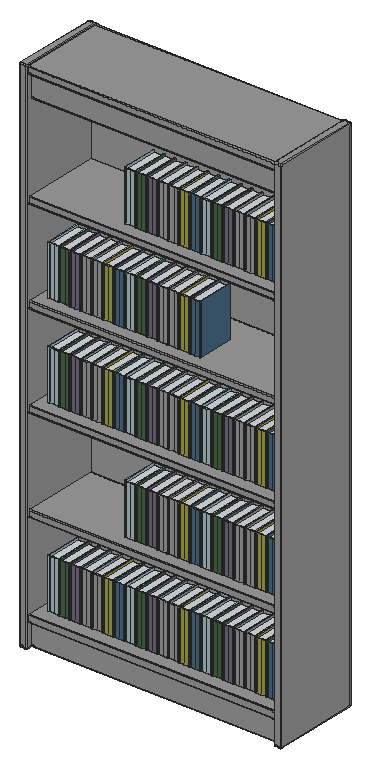
Revit family "Array 36x12x72", category Generic Models, Revit 2018
Family settings
  Can host rebar = No
  Round Connector Dimension = Use Diameter
  Part Type = Normal
  Work Plane-Based = No
  Always vertical = Yes
  Cut with Voids When Loaded = No
  Shared = No
  Room Calculation Point = No
Parameters
  Surface = Array Glider 36x12x72
Reference planes (in)
  plane 1 "Center (Front/Back)": y = 0
  plane 2: z = 0
  plane 3 "Center (Left/Right)": x = 0
Forms (in)
  Extrusion 1, solid, material "Array Glider 36x12x72" <- "Surface"
    sketch origin (0, 0, 30) x (0, 1, 0) y (0, 0, 1)
      loop
        line (-0.125, 41.23662) -> (-0.125, 42.00062)
        arc (-0.125, 42.00062) -> (-0.15956, 42.08405) -> (-0.243, 42.11862) r 0.118
        line (-0.243, 42.11862) -> (-11.757, 42.11862)
        arc (-11.757, 42.11862) -> (-11.84044, 42.08405) -> (-11.875, 42.00062) r 0.118
        line (-11.875, 42.00062) -> (-11.875, 41.23662)
        arc (-11.875, 41.23662) -> (-11.84044, 41.15318) -> (-11.757, 41.11862) r 0.118
        line (-11.757, 41.11862) -> (-0.243, 41.11862)
        arc (-0.243, 41.11862) -> (-0.15956, 41.15318) -> (-0.125, 41.23662) r 0.118
    from -17 to 17
  Extrusion 2, solid, material "Array Glider 36x12x72" <- "Surface"
    sketch origin (0, 0, -37.625) x (0, 1, 0) y (0, 0, 1)
      loop
        line (-0.993, 42.11862) -> (-11.757, 42.11862)
        arc (-11.757, 42.11862) -> (-11.84044, 42.08405) -> (-11.875, 42.00062) r 0.118
        line (-11.875, 42.00062) -> (-11.875, 41.23662)
        arc (-11.875, 41.23662) -> (-11.84044, 41.15318) -> (-11.757, 41.11862) r 0.118
        line (-11.757, 41.11862) -> (-0.993, 41.11862) -> (-0.993, 42.11862)
    from -17 to 17
  Extrusion 3, solid, material "Array Glider 36x12x72" <- "Surface"
    sketch origin (0, 0, 30) x (0, 1, 0) y (0, 0, 1)
      loop
        line (-11.25, 41.11862) -> (-11.25, 37.98662)
        arc (-11.25, 37.98662) -> (-11.21544, 37.90318) -> (-11.132, 37.86862) r 0.118
        line (-11.132, 37.86862) -> (-10.368, 37.86862)
        arc (-10.368, 37.86862) -> (-10.28456, 37.90318) -> (-10.25, 37.98662) r 0.118
        line (-10.25, 37.98662) -> (-10.25, 41.11862) -> (-11.25, 41.11862)
    from -17 to 17
  Extrusion 4, solid, material "Array Glider 36x12x72" <- "Surface"
    sketch origin (0, 0, -37.625) x (0, 1, 0) y (0, 0, 1)
      loop
        line (-11.25, 41.11862) -> (-11.25, 37.98662)
        arc (-11.25, 37.98662) -> (-11.21544, 37.90318) -> (-11.132, 37.86862) r 0.118
        line (-11.132, 37.86862) -> (-10.368, 37.86862)
        arc (-10.368, 37.86862) -> (-10.28456, 37.90318) -> (-10.25, 37.98662) r 0.118
        line (-10.25, 37.98662) -> (-10.25, 41.11862) -> (-11.25, 41.11862)
    from -17 to 17
  Extrusion 5, solid, material "Array Glider 36x12x72" <- "Surface"
    sketch origin (0, -0.618, 0) x (0, 1, 0) y (0, 0, 1)
      loop
        line (0.375, 0.24362) -> (0.375, 71.11862) -> (-0.375, 71.11862) -> (-0.375, 0.24362) -> (0.375, 0.24362)
    from -17 to 17
  Extrusion 6, solid, material "Array Glider 36x12x72" <- "Surface"
    sketch origin (0, 0, -24.75) x (0, 1, 0) y (0, 0, 1)
      loop
        line (-0.993, 41.23662) -> (-0.993, 42.00062)
        arc (-0.993, 42.00062) -> (-1.02756, 42.08405) -> (-1.111, 42.11862) r 0.118
        line (-1.111, 42.11862) -> (-11.632, 42.11862)
        arc (-11.632, 42.11862) -> (-11.71544, 42.08405) -> (-11.75, 42.00062) r 0.118
        line (-11.75, 42.00062) -> (-11.75, 41.23662)
        arc (-11.75, 41.23662) -> (-11.71544, 41.15318) -> (-11.632, 41.11862) r 0.118
        line (-11.632, 41.11862) -> (-1.111, 41.11862)
        arc (-1.111, 41.11862) -> (-1.02756, 41.15318) -> (-0.993, 41.23662) r 0.118
    from -17 to 17
  Revolve 7, solid, material "Array Gliders"
    sketch origin (0, -9.56264, 0) x (1, 0, 0) y (0, 0, 1)
      loop
        line (-15.31312, 0) -> (-14.97741, 0)
        arc (-14.97741, 0) -> (-14.96813, 0.01343) -> (-14.9733, 0.02891) r 0.01826
        line (-14.9733, 0.02891) -> (-15.1255, 0.18112) -> (-15.18869, 0.18112) -> (-15.18869, 1.17538) -> (-15.31312, 1.17538) -> (-15.31312, 0)
      axis (-15.31312, 0) -> (-15.31312, 1.17538)
    angle from 0 to 360
  Extrusion 8, solid, material "Array Gliders"
    sketch origin (0, 0, 0) x (1, 0, 0) y (0, 1, 0)
      loop
        line (-13.9375, -10.25) -> (-16, -8.1875) -> (-16, -10.25) -> (-13.9375, -10.25)
    from 0.24362 to 0.30612
  Extrusion 9, solid, material "Array Glider 36x12x72" <- "Surface"
    sketch origin (0, 0, 0) x (1, 0, 0) y (0, 0, 1)
      loop
        line (-17, 3.49362) -> (-17, 0.24362) -> (-16, 0.24362) -> (-16, 3.49362) -> (-17, 3.49362)
    from 0.993 to 10.25
  Extrusion 10, solid, material "Array Glider 36x12x72" <- "Surface"
    sketch origin (0, 0, 0) x (-1, 0, 0) y (0, 0, -1)
      loop
        line (-17, -3.49362) -> (-16, -3.49362) -> (-16, -0.24362) -> (-17, -0.24362) -> (-17, -3.49362)
    from 0.993 to 10.25
  Extrusion 11, solid, material "Array Glider 36x12x72" <- "Surface"
    sketch origin (0, 0, 67.625) x (-1, 0, 0) y (0, 0, -1)
      loop
        line (-17, -3.49362) -> (-16, -3.49362) -> (-16, -0.36162)
        arc (-16, -0.36162) -> (-16.03456, -0.27818) -> (-16.118, -0.24362) r 0.118
        line (-16.118, -0.24362) -> (-16.882, -0.24362)
        arc (-16.882, -0.24362) -> (-16.96544, -0.27818) -> (-17, -0.36162) r 0.118
        line (-17, -0.36162) -> (-17, -3.49362)
    from 0.993 to 10.25
  Extrusion 12, solid, material "Array Glider 36x12x72" <- "Surface"
    sketch origin (0, 0, 67.625) x (1, 0, 0) y (0, 0, 1)
      loop
        line (-17, 3.49362) -> (-17, 0.36162)
        arc (-17, 0.36162) -> (-16.96544, 0.27818) -> (-16.882, 0.24362) r 0.118
        line (-16.882, 0.24362) -> (-16.118, 0.24362)
        arc (-16.118, 0.24362) -> (-16.03456, 0.27818) -> (-16, 0.36162) r 0.118
        line (-16, 0.36162) -> (-16, 3.49362) -> (-17, 3.49362)
    from 0.993 to 10.25
  Revolve 13, solid, material "Array Gliders"
    sketch origin (0, -9.56264, 0) x (-1, 0, 0) y (0, 0, -1)
      loop
        line (-15.31312, 0) -> (-15.31312, -1.17538) -> (-15.18869, -1.17538) -> (-15.18869, -0.18112) -> (-15.1255, -0.18112) -> (-14.9733, -0.02891)
        arc (-14.9733, -0.02891) -> (-14.96813, -0.01343) -> (-14.97741, 0) r 0.01826
        line (-14.97741, 0) -> (-15.31312, 0)
      axis (-15.31312, 0) -> (-15.31312, -1.17538)
    angle from 0 to 360
  Extrusion 14, solid, material "Array Gliders"
    sketch origin (0, 0, 0) x (-1, 0, 0) y (0, -1, 0)
      loop
        line (-13.9375, 10.25) -> (-16, 10.25) -> (-16, 8.1875) -> (-13.9375, 10.25)
    from 0.24362 to 0.30612
  Sweep 15, solid, material "Array Glider 36x12x72" <- "Surface"
    path origin (0, 0, 0) x (0, 1, 0) y (0, 0, 1)
      loop
        arc (-11.86124, 72.12562) -> (-11.87592, 72.11954) -> (-11.882, 72.10486) r 0.02076
        line (-11.882, 72.10486) -> (-11.882, 0.38237)
        arc (-11.882, 0.38237) -> (-11.87592, 0.36769) -> (-11.86124, 0.36162) r 0.02076
        line (-11.86124, 0.36162) -> (-0.13876, 0.36162)
        arc (-0.13876, 0.36162) -> (-0.12408, 0.36769) -> (-0.118, 0.38237) r 0.02076
        line (-0.118, 0.38237) -> (-0.118, 72.10486)
        arc (-0.118, 72.10486) -> (-0.12408, 72.11954) -> (-0.13876, 72.12562) r 0.02076
        line (-0.13876, 72.12562) -> (-11.86124, 72.12562)
    profile origin (0, -6, 72.12562) x (0, 0, 1) y (1, 0, 0)
      loop
        line (0, -17) -> (0, -18)
        arc (0, -18) -> (0.08344, -17.96544) -> (0.118, -17.882) r 0.118
        line (0.118, -17.882) -> (0.118, -17.118)
        arc (0.118, -17.118) -> (0.08344, -17.03456) -> (0, -17) r 0.118
  Extrusion 16, solid, material "Array Glider 36x12x72" <- "Surface"
    sketch origin (0, 0, -11.875) x (0, 1, 0) y (0, 0, 1)
      loop
        line (-0.993, 41.23662) -> (-0.993, 42.00062)
        arc (-0.993, 42.00062) -> (-1.02756, 42.08405) -> (-1.111, 42.11862) r 0.118
        line (-1.111, 42.11862) -> (-11.632, 42.11862)
        arc (-11.632, 42.11862) -> (-11.71544, 42.08405) -> (-11.75, 42.00062) r 0.118
        line (-11.75, 42.00062) -> (-11.75, 41.23662)
        arc (-11.75, 41.23662) -> (-11.71544, 41.15318) -> (-11.632, 41.11862) r 0.118
        line (-11.632, 41.11862) -> (-1.111, 41.11862)
        arc (-1.111, 41.11862) -> (-1.02756, 41.15318) -> (-0.993, 41.23662) r 0.118
    from -17 to 17
  Extrusion 17, solid, material "Array Glider 36x12x72" <- "Surface"
    sketch origin (0, 0, 1) x (0, 1, 0) y (0, 0, 1)
      loop
        line (-0.993, 41.23662) -> (-0.993, 42.00062)
        arc (-0.993, 42.00062) -> (-1.02756, 42.08405) -> (-1.111, 42.11862) r 0.118
        line (-1.111, 42.11862) -> (-11.632, 42.11862)
        arc (-11.632, 42.11862) -> (-11.71544, 42.08405) -> (-11.75, 42.00062) r 0.118
        line (-11.75, 42.00062) -> (-11.75, 41.23662)
        arc (-11.75, 41.23662) -> (-11.71544, 41.15318) -> (-11.632, 41.11862) r 0.118
        line (-11.632, 41.11862) -> (-1.111, 41.11862)
        arc (-1.111, 41.11862) -> (-1.02756, 41.15318) -> (-0.993, 41.23662) r 0.118
    from -17 to 17
  Extrusion 18, solid, material "Array Glider 36x12x72" <- "Surface"
    sketch origin (0, 0, 13.875) x (0, 1, 0) y (0, 0, 1)
      loop
        line (-0.993, 41.23662) -> (-0.993, 42.00062)
        arc (-0.993, 42.00062) -> (-1.02756, 42.08405) -> (-1.111, 42.11862) r 0.118
        line (-1.111, 42.11862) -> (-11.632, 42.11862)
        arc (-11.632, 42.11862) -> (-11.71544, 42.08405) -> (-11.75, 42.00062) r 0.118
        line (-11.75, 42.00062) -> (-11.75, 41.23662)
        arc (-11.75, 41.23662) -> (-11.71544, 41.15318) -> (-11.632, 41.11862) r 0.118
        line (-11.632, 41.11862) -> (-1.111, 41.11862)
        arc (-1.111, 41.11862) -> (-1.02756, 41.15318) -> (-0.993, 41.23662) r 0.118
    from -17 to 17
  Sweep 19, solid, material "Array Glider 36x12x72" <- "Surface"
    path origin (0, 0, 0) x (0, 1, 0) y (0, 0, -1)
      loop
        line (-11.86124, -72.12562) -> (-0.13876, -72.12562)
        arc (-0.13876, -72.12562) -> (-0.12408, -72.11954) -> (-0.118, -72.10486) r 0.02076
        line (-0.118, -72.10486) -> (-0.118, -0.38237)
        arc (-0.118, -0.38237) -> (-0.12408, -0.36769) -> (-0.13876, -0.36162) r 0.02076
        line (-0.13876, -0.36162) -> (-11.86124, -0.36162)
        arc (-11.86124, -0.36162) -> (-11.87592, -0.36769) -> (-11.882, -0.38237) r 0.02076
        line (-11.882, -0.38237) -> (-11.882, -72.10486)
        arc (-11.882, -72.10486) -> (-11.87592, -72.11954) -> (-11.86124, -72.12562) r 0.02076
    profile origin (0, -6, 72.12562) x (0, 0, -1) y (-1, 0, 0)
      loop
        arc (0, -17) -> (-0.08344, -17.03456) -> (-0.118, -17.118) r 0.118
        line (-0.118, -17.118) -> (-0.118, -17.882)
        arc (-0.118, -17.882) -> (-0.08344, -17.96544) -> (0, -18) r 0.118
        line (0, -18) -> (0, -17)
  Revolve 20, solid, material "Array Gliders"
    sketch origin (0, -1.68036, 0) x (1, 0, 0) y (0, 0, -1)
      loop
        line (-15.31312, 0) -> (-15.31312, -1.17538) -> (-15.18869, -1.17538) -> (-15.18869, -0.18112) -> (-15.1255, -0.18112) -> (-14.9733, -0.02891)
        arc (-14.9733, -0.02891) -> (-14.96813, -0.01343) -> (-14.97741, 0) r 0.01826
        line (-14.97741, 0) -> (-15.31312, 0)
      axis (-15.31312, 0) -> (-15.31312, -1.17538)
    angle from 0 to 360
  Extrusion 21, solid, material "Array Gliders"
    sketch origin (0, -11.243, 0) x (1, 0, 0) y (0, 1, 0)
      loop
        line (-13.9375, 10.25) -> (-16, 10.25) -> (-16, 8.1875) -> (-13.9375, 10.25)
    from 0.24362 to 0.30612
  Revolve 22, solid, material "Array Gliders"
    sketch origin (0, -1.68036, 0) x (-1, 0, 0) y (0, 0, 1)
      loop
        line (-15.31312, 0) -> (-14.97741, 0)
        arc (-14.97741, 0) -> (-14.96813, 0.01343) -> (-14.9733, 0.02891) r 0.01826
        line (-14.9733, 0.02891) -> (-15.1255, 0.18112) -> (-15.18869, 0.18112) -> (-15.18869, 1.17538) -> (-15.31312, 1.17538) -> (-15.31312, 0)
      axis (-15.31312, 0) -> (-15.31312, 1.17538)
    angle from 0 to 360
  Extrusion 23, solid, material "Array Gliders"
    sketch origin (0, -11.243, 0) x (-1, 0, 0) y (0, -1, 0)
      loop
        line (-13.9375, -10.25) -> (-16, -8.1875) -> (-16, -10.25) -> (-13.9375, -10.25)
    from 0.24362 to 0.30612
  Extrusion 24, solid, material "Array Glider 36x12x72" <- "Surface"
    sketch origin (0, 0, 0) x (0, 1, 0) y (0, 0, 1)
      loop
        line (-0.13876, 72.12562) -> (-11.86124, 72.12562)
        arc (-11.86124, 72.12562) -> (-11.87592, 72.11954) -> (-11.882, 72.10486) r 0.02076
        line (-11.882, 72.10486) -> (-11.882, 0.38237)
        arc (-11.882, 0.38237) -> (-11.87592, 0.36769) -> (-11.86124, 0.36162) r 0.02076
        line (-11.86124, 0.36162) -> (-0.13876, 0.36162)
        arc (-0.13876, 0.36162) -> (-0.12408, 0.36769) -> (-0.118, 0.38237) r 0.02076
        line (-0.118, 0.38237) -> (-0.118, 72.10486)
        arc (-0.118, 72.10486) -> (-0.12408, 72.11954) -> (-0.13876, 72.12562) r 0.02076
    from 17 to 18
  Extrusion 25, solid, material "Array Glider 36x12x72" <- "Surface"
    sketch origin (0, 0, 0) x (0, 1, 0) y (0, 0, -1)
      loop
        arc (-0.13876, -72.12562) -> (-0.12408, -72.11954) -> (-0.118, -72.10486) r 0.02076
        line (-0.118, -72.10486) -> (-0.118, -0.38237)
        arc (-0.118, -0.38237) -> (-0.12408, -0.36769) -> (-0.13876, -0.36162) r 0.02076
        line (-0.13876, -0.36162) -> (-11.86124, -0.36162)
        arc (-11.86124, -0.36162) -> (-11.87592, -0.36769) -> (-11.882, -0.38237) r 0.02076
        line (-11.882, -0.38237) -> (-11.882, -72.10486)
        arc (-11.882, -72.10486) -> (-11.87592, -72.11954) -> (-11.86124, -72.12562) r 0.02076
        line (-11.86124, -72.12562) -> (-0.13876, -72.12562)
    from 17 to 18
Dimensions and locks (in)
  aligned and locked: plane 2 to level
Nested families (in)
  nested 1: "Books" at (-15, -9.9375, 4.49362), type "Books"
  nested 2: "Books" at (-4.5, -9.9375, 4.49362), type "Books"
  nested 3: "Books" at (6, -9.9375, 4.49362), type "Books"
  nested 4: "Books" at (-4.5, -9.9375, 17.36862), type "Books"
  nested 5: "Books" at (6, -9.9375, 17.36862), type "Books"
  nested 6: "Books" at (-15, -9.9375, 30.24362), type "Books"
  nested 7: "Books" at (-4.5, -9.9375, 30.24362), type "Books"
  nested 8: "Books" at (6, -9.9375, 30.24362), type "Books"
  nested 9: "Books" at (-15, -9.9375, 43.11862), type "Books"
  nested 10: "Books" at (-4.5, -9.9375, 43.11862), type "Books"
  nested 11: "Books" at (-4.5, -9.9375, 55.99362), type "Books"
  nested 12: "Books" at (6, -9.9375, 55.99362), type "Books"
Definition of nested family "Books"
  Reference planes (in)
    plane 1 "Center (Front/Back)": y = 0
    plane 2: z = 0
    plane 3 "Center (Left/Right)": x = 0
    plane 4: z = 0.125
    plane 5: z = 10.875
    plane 6: z = 8.875
    plane 7: y = 1
    plane 8: y = 6
    plane 9: y = 5
    plane 10: z = 6.875
  Forms (in)
    Extrusion 1, solid
      sketch origin (0, 0, 0) x (1, 0, 0) y (0, 1, 0)
        loop
          line (-0.75, 5) -> (-0.75, 0.16705)
          arc (-0.75, 0.16705) -> (-0.70136, 0.11841) -> (-0.75, 0.06977) r 0.04864
          arc (-0.75, 0.06977) -> (-0.71934, 0.01698) -> (-0.66069, 0) r 0.082
          line (-0.66069, 0) -> (0, 0) -> (0.66069, 0)
          arc (0.66069, 0) -> (0.71934, 0.01698) -> (0.75, 0.06977) r 0.082
          arc (0.75, 0.06977) -> (0.70136, 0.11841) -> (0.75, 0.16705) r 0.04864
          line (0.75, 0.16705) -> (0.75, 5) -> (0.6254, 5) -> (0.6254, 0.12848)
          arc (0.6254, 0.12848) -> (0.6041, 0.08281) -> (0.55544, 0.06977) r 0.05961
          line (0.55544, 0.06977) -> (0, 0.06977) -> (-0.55544, 0.06977)
          arc (-0.55544, 0.06977) -> (-0.6041, 0.08281) -> (-0.6254, 0.12848) r 0.05961
          line (-0.6254, 0.12848) -> (-0.6254, 5) -> (-0.75, 5)
      from 0 to 6.875
    Extrusion 2, solid
      sketch origin (-4.75, -180, 0.125) x (-1, 0, 0) y (0, -1, 0)
        loop
          line (-4.1246, -184.88306) -> (-4.1246, -180.13971) -> (-5.3754, -180.13971) -> (-5.3754, -184.88306) -> (-4.1246, -184.88306)
      from 0 to 6.57025
    Extrusion 3, solid
      sketch origin (1.5, 0, 0) x (1, 0, 0) y (0, 1, 0)
        loop
          line (-0.75, 5) -> (-0.75, 0.16705)
          arc (-0.75, 0.16705) -> (-0.70136, 0.11841) -> (-0.75, 0.06977) r 0.04864
          arc (-0.75, 0.06977) -> (-0.71934, 0.01698) -> (-0.66069, 0) r 0.082
          line (-0.66069, 0) -> (0, 0) -> (0.66069, 0)
          arc (0.66069, 0) -> (0.71934, 0.01698) -> (0.75, 0.06977) r 0.082
          arc (0.75, 0.06977) -> (0.70136, 0.11841) -> (0.75, 0.16705) r 0.04864
          line (0.75, 0.16705) -> (0.75, 5) -> (0.6254, 5) -> (0.6254, 0.12848)
          arc (0.6254, 0.12848) -> (0.6041, 0.08281) -> (0.55544, 0.06977) r 0.05961
          line (0.55544, 0.06977) -> (0, 0.06977) -> (-0.55544, 0.06977)
          arc (-0.55544, 0.06977) -> (-0.6041, 0.08281) -> (-0.6254, 0.12848) r 0.05961
          line (-0.6254, 0.12848) -> (-0.6254, 5) -> (-0.75, 5)
      from 0 to 6.875
    Extrusion 4, solid
      sketch origin (-3.25, -180, 0.125) x (-1, 0, 0) y (0, -1, 0)
        loop
          line (-4.1246, -184.88306) -> (-4.1246, -180.13971) -> (-5.3754, -180.13971) -> (-5.3754, -184.88306) -> (-4.1246, -184.88306)
      from 0 to 6.57025
    Extrusion 5, solid
      sketch origin (3, 0, 0) x (1, 0, 0) y (0, 1, 0)
        loop
          line (-0.75, 5) -> (-0.75, 0.16705)
          arc (-0.75, 0.16705) -> (-0.70136, 0.11841) -> (-0.75, 0.06977) r 0.04864
          arc (-0.75, 0.06977) -> (-0.71934, 0.01698) -> (-0.66069, 0) r 0.082
          line (-0.66069, 0) -> (0, 0) -> (0.66069, 0)
          arc (0.66069, 0) -> (0.71934, 0.01698) -> (0.75, 0.06977) r 0.082
          arc (0.75, 0.06977) -> (0.70136, 0.11841) -> (0.75, 0.16705) r 0.04864
          line (0.75, 0.16705) -> (0.75, 5) -> (0.6254, 5) -> (0.6254, 0.12848)
          arc (0.6254, 0.12848) -> (0.6041, 0.08281) -> (0.55544, 0.06977) r 0.05961
          line (0.55544, 0.06977) -> (0, 0.06977) -> (-0.55544, 0.06977)
          arc (-0.55544, 0.06977) -> (-0.6041, 0.08281) -> (-0.6254, 0.12848) r 0.05961
          line (-0.6254, 0.12848) -> (-0.6254, 5) -> (-0.75, 5)
      from 0 to 6.875
    Extrusion 6, solid
      sketch origin (-1.75, -180, 0.125) x (-1, 0, 0) y (0, -1, 0)
        loop
          line (-4.1246, -184.88306) -> (-4.1246, -180.13971) -> (-5.3754, -180.13971) -> (-5.3754, -184.88306) -> (-4.1246, -184.88306)
      from 0 to 6.57025
    Extrusion 7, solid
      sketch origin (4.5, 0, 0) x (1, 0, 0) y (0, 1, 0)
        loop
          line (-0.75, 5) -> (-0.75, 0.16705)
          arc (-0.75, 0.16705) -> (-0.70136, 0.11841) -> (-0.75, 0.06977) r 0.04864
          arc (-0.75, 0.06977) -> (-0.71934, 0.01698) -> (-0.66069, 0) r 0.082
          line (-0.66069, 0) -> (0, 0) -> (0.66069, 0)
          arc (0.66069, 0) -> (0.71934, 0.01698) -> (0.75, 0.06977) r 0.082
          arc (0.75, 0.06977) -> (0.70136, 0.11841) -> (0.75, 0.16705) r 0.04864
          line (0.75, 0.16705) -> (0.75, 5) -> (0.6254, 5) -> (0.6254, 0.12848)
          arc (0.6254, 0.12848) -> (0.6041, 0.08281) -> (0.55544, 0.06977) r 0.05961
          line (0.55544, 0.06977) -> (0, 0.06977) -> (-0.55544, 0.06977)
          arc (-0.55544, 0.06977) -> (-0.6041, 0.08281) -> (-0.6254, 0.12848) r 0.05961
          line (-0.6254, 0.12848) -> (-0.6254, 5) -> (-0.75, 5)
      from 0 to 6.875
    Extrusion 8, solid
      sketch origin (-0.25, -180, 0.125) x (-1, 0, 0) y (0, -1, 0)
        loop
          line (-4.1246, -184.88306) -> (-4.1246, -180.13971) -> (-5.3754, -180.13971) -> (-5.3754, -184.88306) -> (-4.1246, -184.88306)
      from 0 to 6.57025
    Extrusion 9, solid
      sketch origin (6, 0, 0) x (1, 0, 0) y (0, 1, 0)
        loop
          line (-0.75, 5) -> (-0.75, 0.16705)
          arc (-0.75, 0.16705) -> (-0.70136, 0.11841) -> (-0.75, 0.06977) r 0.04864
          arc (-0.75, 0.06977) -> (-0.71934, 0.01698) -> (-0.66069, 0) r 0.082
          line (-0.66069, 0) -> (0, 0) -> (0.66069, 0)
          arc (0.66069, 0) -> (0.71934, 0.01698) -> (0.75, 0.06977) r 0.082
          arc (0.75, 0.06977) -> (0.70136, 0.11841) -> (0.75, 0.16705) r 0.04864
          line (0.75, 0.16705) -> (0.75, 5) -> (0.6254, 5) -> (0.6254, 0.12848)
          arc (0.6254, 0.12848) -> (0.6041, 0.08281) -> (0.55544, 0.06977) r 0.05961
          line (0.55544, 0.06977) -> (0, 0.06977) -> (-0.55544, 0.06977)
          arc (-0.55544, 0.06977) -> (-0.6041, 0.08281) -> (-0.6254, 0.12848) r 0.05961
          line (-0.6254, 0.12848) -> (-0.6254, 5) -> (-0.75, 5)
      from 0 to 6.875
    Extrusion 10, solid
      sketch origin (1.25, -180, 0.125) x (-1, 0, 0) y (0, -1, 0)
        loop
          line (-4.1246, -184.88306) -> (-4.1246, -180.13971) -> (-5.3754, -180.13971) -> (-5.3754, -184.88306) -> (-4.1246, -184.88306)
      from 0 to 6.57025
    Extrusion 11, solid
      sketch origin (7.5, 0, 0) x (1, 0, 0) y (0, 1, 0)
        loop
          line (-0.75, 5) -> (-0.75, 0.16705)
          arc (-0.75, 0.16705) -> (-0.70136, 0.11841) -> (-0.75, 0.06977) r 0.04864
          arc (-0.75, 0.06977) -> (-0.71934, 0.01698) -> (-0.66069, 0) r 0.082
          line (-0.66069, 0) -> (0, 0) -> (0.66069, 0)
          arc (0.66069, 0) -> (0.71934, 0.01698) -> (0.75, 0.06977) r 0.082
          arc (0.75, 0.06977) -> (0.70136, 0.11841) -> (0.75, 0.16705) r 0.04864
          line (0.75, 0.16705) -> (0.75, 5) -> (0.6254, 5) -> (0.6254, 0.12848)
          arc (0.6254, 0.12848) -> (0.6041, 0.08281) -> (0.55544, 0.06977) r 0.05961
          line (0.55544, 0.06977) -> (0, 0.06977) -> (-0.55544, 0.06977)
          arc (-0.55544, 0.06977) -> (-0.6041, 0.08281) -> (-0.6254, 0.12848) r 0.05961
          line (-0.6254, 0.12848) -> (-0.6254, 5) -> (-0.75, 5)
      from 0 to 6.875
    Extrusion 12, solid
      sketch origin (2.75, -180, 0.125) x (-1, 0, 0) y (0, -1, 0)
        loop
          line (-4.1246, -184.88306) -> (-4.1246, -180.13971) -> (-5.3754, -180.13971) -> (-5.3754, -184.88306) -> (-4.1246, -184.88306)
      from 0 to 6.57025
    Extrusion 13, solid
      sketch origin (9, 0, 0) x (1, 0, 0) y (0, 1, 0)
        loop
          line (-0.75, 5) -> (-0.75, 0.16705)
          arc (-0.75, 0.16705) -> (-0.70136, 0.11841) -> (-0.75, 0.06977) r 0.04864
          arc (-0.75, 0.06977) -> (-0.71934, 0.01698) -> (-0.66069, 0) r 0.082
          line (-0.66069, 0) -> (0, 0) -> (0.66069, 0)
          arc (0.66069, 0) -> (0.71934, 0.01698) -> (0.75, 0.06977) r 0.082
          arc (0.75, 0.06977) -> (0.70136, 0.11841) -> (0.75, 0.16705) r 0.04864
          line (0.75, 0.16705) -> (0.75, 5) -> (0.6254, 5) -> (0.6254, 0.12848)
          arc (0.6254, 0.12848) -> (0.6041, 0.08281) -> (0.55544, 0.06977) r 0.05961
          line (0.55544, 0.06977) -> (0, 0.06977) -> (-0.55544, 0.06977)
          arc (-0.55544, 0.06977) -> (-0.6041, 0.08281) -> (-0.6254, 0.12848) r 0.05961
          line (-0.6254, 0.12848) -> (-0.6254, 5) -> (-0.75, 5)
      from 0 to 6.875
    Extrusion 14, solid
      sketch origin (4.25, -180, 0.125) x (-1, 0, 0) y (0, -1, 0)
        loop
          line (-4.1246, -184.88306) -> (-4.1246, -180.13971) -> (-5.3754, -180.13971) -> (-5.3754, -184.88306) -> (-4.1246, -184.88306)
      from 0 to 6.57025
  Lines and regions (in)
    model lines
      curve 1: line (-0.3754, 4.88306, 6.69525) -> (-0.3754, 0.13971, 6.69525)
      curve 2: line (-0.1254, 4.88306, 6.69525) -> (-0.1254, 0.13971, 6.69525)
      curve 3: line (0.1246, 4.88306, 6.69525) -> (0.1246, 0.13971, 6.69525)
      curve 4: line (0.3746, 4.88306, 6.69525) -> (0.3746, 0.13971, 6.69525)
      curve 5: line (1.1246, 4.88306, 6.69525) -> (1.1246, 0.13971, 6.69525)
      curve 6: line (1.3746, 4.88306, 6.69525) -> (1.3746, 0.13971, 6.69525)
      curve 7: line (1.6246, 4.88306, 6.69525) -> (1.6246, 0.13971, 6.69525)
      curve 8: line (1.8746, 4.88306, 6.69525) -> (1.8746, 0.13971, 6.69525)
      curve 9: line (2.6246, 4.88306, 6.69525) -> (2.6246, 0.13971, 6.69525)
      curve 10: line (2.8746, 4.88306, 6.69525) -> (2.8746, 0.13971, 6.69525)
      curve 11: line (3.1246, 4.88306, 6.69525) -> (3.1246, 0.13971, 6.69525)
      curve 12: line (3.3746, 4.88306, 6.69525) -> (3.3746, 0.13971, 6.69525)
      curve 13: line (4.1246, 4.88306, 6.69525) -> (4.1246, 0.13971, 6.69525)
      curve 14: line (4.3746, 4.88306, 6.69525) -> (4.3746, 0.13971, 6.69525)
      curve 15: line (4.6246, 4.88306, 6.69525) -> (4.6246, 0.13971, 6.69525)
      curve 16: line (4.8746, 4.88306, 6.69525) -> (4.8746, 0.13971, 6.69525)
      curve 17: line (5.6246, 4.88306, 6.69525) -> (5.6246, 0.13971, 6.69525)
      curve 18: line (5.8746, 4.88306, 6.69525) -> (5.8746, 0.13971, 6.69525)
      curve 19: line (6.1246, 4.88306, 6.69525) -> (6.1246, 0.13971, 6.69525)
      curve 20: line (6.3746, 4.88306, 6.69525) -> (6.3746, 0.13971, 6.69525)
      curve 21: line (7.1246, 4.88306, 6.69525) -> (7.1246, 0.13971, 6.69525)
      curve 22: line (7.3746, 4.88306, 6.69525) -> (7.3746, 0.13971, 6.69525)
      curve 23: line (7.6246, 4.88306, 6.69525) -> (7.6246, 0.13971, 6.69525)
      curve 24: line (7.8746, 4.88306, 6.69525) -> (7.8746, 0.13971, 6.69525)
      curve 25: line (8.6246, 4.88306, 6.69525) -> (8.6246, 0.13971, 6.69525)
      curve 26: line (8.8746, 4.88306, 6.69525) -> (8.8746, 0.13971, 6.69525)
      curve 27: line (9.1246, 4.88306, 6.69525) -> (9.1246, 0.13971, 6.69525)
      curve 28: line (9.3746, 4.88306, 6.69525) -> (9.3746, 0.13971, 6.69525)
